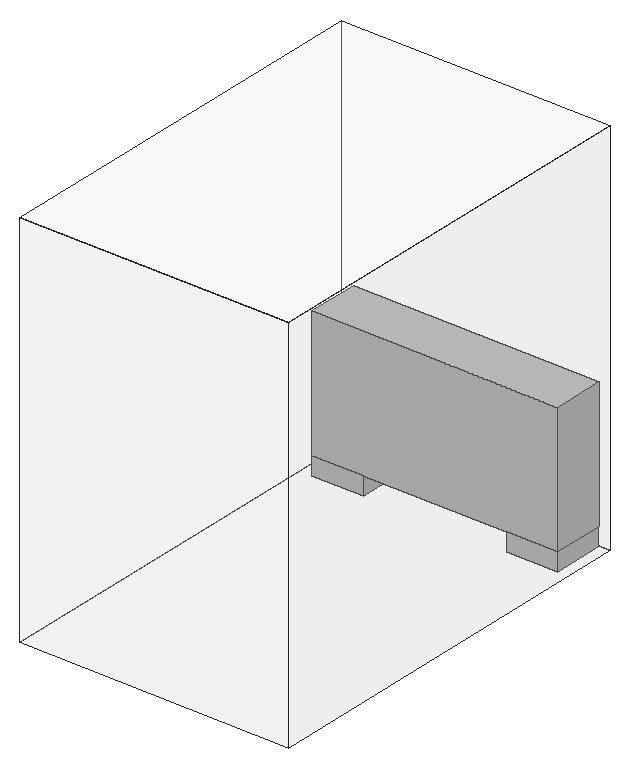
Revit family "pffy-p28_71lemg9_60Hz", category 機械設備, Revit 2019
Family settings
  丸型コネクタ寸法 = 直径を使用
  パーツ タイプ = 標準
  OmniClass 番号 = 23.75.10.24.21.27.27
  OmniClass タイトル = Split System Air Conditioning Units
  作業面ベース = いいえ
  常に垂直 = はい
  ロード時にボイドで切り取り = いいえ
  共有 = いいえ
  部屋計算ポイント = はい
Parameters (values of type "PFFY-P28LEMG9")
  風量（弱）（m3／min） = 5.5
  風量（m3／min） = 6.5
  風量 = MAX風量  # 390.0 m³/h
  音響パワーレベル（弱）(dB) = 49
  音響パワーレベル(dB) = 54
  電源種別 = ""
  電圧_電気ヒーター = 0 V
  電圧 = 200 V
  電動機出力_送風機 = 0.02 kW
  運転質量 = 0.00 kg
  連動 = ""
  質量 = if(製品質量 > 運転質量, 製品質量, 運転質量) * 1.2  # 34.80 kg
  負荷分類 = 3_ファン類
  説明 = "ビル用マルチエアコン 床置形　室内機"
  設計暖房能力 [instance] = 0 kW
  設計冷房能力_顕熱 [instance] = 0 kW
  設計冷房能力 [instance] = 0 kW
  設置方法 = "床置形"
  記号 [instance] = ""
  製造元 = "三菱電機株式会社"
  製品質量 = 29.00 kg
  製品出荷対象 = "国内"
  製品リリース年月 = "2022年9月15日"
  製品グループ = ""
  系統 [instance] = ""
  符号 = "ACP-FRV(D)"
  積算_科目 = "1 空気調和設備"
  積算_拾い区分 [instance] = ""
  相_電気ヒーター = 1
  相 = 1
  盤記号 [instance] = ""
  発停方法 = ""
  特殊仕様 [instance] = ""
  火災停止 = ""
  消費電力_電気ヒーター = 0 kW
  消費電力_暖房 = 0.05 kW
  消費電力_加湿器 = 0 kW
  消費電力_冷房 = 0.05 kW
  消費電力 = if(消費電力_冷房 > 消費電力_暖房, 消費電力_冷房, 消費電力_暖房) + 消費電力_加湿器 + 消費電力_電気ヒーター  # 0.05 kW
  法定耐用年数 = "15"
  機械基礎質量 [instance] = 0.00 kg
  機械基礎_W = 0 mm
  機械基礎_H = 0 mm
  機械基礎_D = 0 mm
  機械基礎 [instance] = no
  機外静圧 = 0.0 Pa
  極数 = 1
  材質 [instance] = ""
  本体マテリアル = none
  有効加湿量 = 0
  暖房能力 = 3.2 kW
  形式_加湿器 = ""
  形式 = "床置（露出）立形"
  形名 = PFFY-P_LEMG9 : PFFY-P28LEMG9
  幹線記号 [instance] = ""
  始動方式 = "直入"
  呼称 = "室内機_床置(露出)形(直吹)"
  周波数 = 60 Hz
  台数_手元リモコン [instance] = ""
  台数_冷媒分岐ユニット [instance] = ""
  参照している仕様書等のバージョン = "公共建築工事標準仕様書（機械設備工事編）平成31年度版"
  加湿給水管径 = 0.00 mm
  分類コード = "50053003221090"
  分類グループ = ""
  冷房能力 = 2.8 kW
  冷媒高低圧ガス管径 = 0.00 mm
  冷媒管径符号 = "Ac"
  冷媒管径 = 100.00 mm
  冷媒液管径 = 6.35 mm
  冷媒ガス管径 = 12.70 mm
  価格 = 0
  企業コード = "108420"
  付属品_フィルター = ""
  付属品 [instance] = ""
  仕様書バージョン = "Version1.0"
  モデル = "PFFY-P28LEMG9"
  ドレン管径 = 20.00 mm
  ダクト高 = 0 mm
  ダクト幅 = 0 mm
  コメント [instance] = ""
  Keynote = ""
  Width = 1050 mm
  Version = ""
  Uniclass2015Version = "Systems v1.9"
  Uniclass2015Title = "Split coil remote air cooled condensing units"
  Uniclass2015Code = "Pr_70_65_03_84"
  URL = "https://www.mitsubishielectric.co.jp/ldg/wink/ssl/displayProduct.do?pid=317061"
  S寸法 = 0 mm
  SpecificationReference = ""
  SpecificationDescription = ""
  Revision = ""
  ProductInformation = ""
  OmniClassCode = "23-33 17 13 11"
  MIN風量 = 風量（弱）（m3／min） * 60.0 m³/h  # 330.0 m³/h
  MAX風量 = 風量（m3／min） * 60.0 m³/h  # 390.0 m³/h
  IfcTypeProduct = ""
  IfcProduct = ""
  IfcExportType = "AIRCONDITIONINGUNIT"
  IfcExportAs = "IfcUnitaryEquipmentType"
  Height = 630 mm
  Depth = 220 mm
  Clearance Top = 1000 mm
  Clearance Right = 50 mm
  Clearance Left = 50 mm
  Clearance Front = 1000 mm
  Clearance Back = 0 mm
  Author = "三菱電機株式会社"
Types (5, lengths in mm): name | 風量（弱）（m3／min） | 風量（m3／min） | 風量 | 音響パワーレベル（弱）(dB) | 音響パワーレベル(dB) | 電動機出力_送風機 | 質量 | 製品質量 | 消費電力_暖房 | 消費電力_冷房 | 消費電力 | 暖房能力 | 形名 | 冷房能力 | 冷媒管径符号 | 冷媒液管径 | 冷媒ガス管径 | モデル | Width | URL | MIN風量 | MAX風量
  PFFY-P28LEMG9 | 5.5 | 6.5 | 390.0 m³/h | 49 | 54 | 0.02 kW | 34.80 kg | 29.00 kg | 0.05 kW | 0.05 kW | 0.05 kW | 3.2 kW | PFFY-P_LEMG9 : PFFY-P28LEMG9 | 2.8 kW | "Ac" | 6.35 | 12.70 | "PFFY-P28LEMG9" | 1050 | "https://www.mitsubishielectric.co.jp/ldg/wink/ssl/displayProduct.do?pid=317061" | 330.0 m³/h | 390.0 m³/h
  PFFY-P36LEMG9 | 7 | 9 | 540.0 m³/h | 50 | 55 | 0.03 kW | 37.20 kg | 31.00 kg | 0.06 kW | 0.06 kW | 0.06 kW | 4 kW | PFFY-P_LEMG9 : PFFY-P36_45LEMG9 | 3.6 kW | "Ac" | 6.35 | 12.70 | "PFFY-P36LEMG9" | 1170 | "https://www.mitsubishielectric.co.jp/ldg/wink/ssl/displayProduct.do?pid=317062" | 420.0 m³/h | 540.0 m³/h
  PFFY-P45LEMG9 | 9 | 11 | 660.0 m³/h | 52 | 58 | 0.035 kW | 38.40 kg | 32.00 kg | 0.07 kW | 0.07 kW | 0.07 kW | 5 kW | PFFY-P_LEMG9 : PFFY-P36_45LEMG9 | 4.5 kW | "Ac" | 6.35 | 12.70 | "PFFY-P45LEMG9" | 1170 | "https://www.mitsubishielectric.co.jp/ldg/wink/ssl/displayProduct.do?pid=317063" | 540.0 m³/h | 660.0 m³/h
  PFFY-P56LEMG9 | 12 | 14 | 840.0 m³/h | 55 | 59 | 0.04 kW | 43.20 kg | 36.00 kg | 0.1 kW | 0.1 kW | 0.1 kW | 6.3 kW | PFFY-P_LEMG9 : PFFY-P56LEMG9 | 5.6 kW | "Ac" | 6.35 | 12.70 | "PFFY-P56LEMG9" | 1410 | "https://www.mitsubishielectric.co.jp/ldg/wink/ssl/displayProduct.do?pid=317064" | 720.0 m³/h | 840.0 m³/h
  PFFY-P71LEMG9 | 12 | 15.5 | 930.0 m³/h | 57 | 62 | 0.045 kW | 44.40 kg | 37.00 kg | 0.12 kW | 0.12 kW | 0.12 kW | 8 kW | PFFY-P_LEMG9 : PFFY-P71LEMG9 | 7.1 kW | "Bd" | 9.52 | 15.88 | "PFFY-P71LEMG9" | 1410 | "https://www.mitsubishielectric.co.jp/ldg/wink/ssl/displayProduct.do?pid=317076" | 720.0 m³/h | 930.0 m³/h
Reference planes
  plane 1: z = -150
  plane 2: z = 480
  plane 3: z = -150
  plane 4: z = 1480
  plane 5 "中心(正面/背面)": y = -110
  plane 6 "左": x = -525
  plane 7 "右": x = 525
  plane 8 "正面": y = -220
  plane 9 "背面": y = 0
  plane 10: x = 0
  plane 11: x = -875
  plane 12: y = 0
  plane 13: y = -220
  plane 14: x = 525
  plane 15: y = 0
  plane 16: x = 575
  plane 17: x = -575
  plane 18: y = -1220
  plane 19 "配管位置": x = -305
  plane 20: y = -100
  plane 21: y = -135
  plane 22: z = 280
  plane 23: z = 330
  plane 24 "ドレン配管": x = -350
  plane 25: y = -130
  plane 26 "ドレン配管先端": z = -140
Forms (mm)
  Extrusion 1, solid
    sketch origin (-305, 0, 0) x (0, 1, 0) y (0, 0, 1)
      loop
        circle (-100, 330) r 6.35
      loop
        circle (-135, 280) r 3.175
    from 0 to -105
  Extrusion 2, solid
    sketch origin (-305, 0, 0) x (0, 1, 0) y (0, 0, 1)
      loop
        circle (-117.5, 305) r 50
    from 0 to -105
  Extrusion 3, solid
    sketch origin (0, 0, -140) x (0, -1, 0) y (1, 0, 0)
      loop
        circle (130, -350) r 10
    from 0 to 200
Dimensions and locks
  "Height": plane 1 to plane 2
  "Clearance Top": plane 4 to plane 2
  "Width": plane 6 "左" to plane 7 "右"
  equal spacing: plane 8 "正面", plane 5 "中心(正面/背面)", plane 9 "背面"
  "Depth": plane 8 "正面" to plane 9 "背面"
  "S寸法": plane 9 "背面" to plane 12
  "S寸法": plane 13 to plane 8 "正面"
  "S寸法": plane 7 "右" to plane 14
  "Clearance Back": plane 9 "背面" to plane 15
  "Clearance Right": plane 7 "右" to plane 16
  "Clearance Left": plane 17 to plane 6 "左"
  "Clearance Front": plane 18 to plane 8 "正面"
  equal spacing: plane 6 "左", plane 10, plane 7 "右"
  locked: plane 6 "左" to plane 19 "配管位置" at 220
  locked: plane 24 "ドレン配管" to plane 19 "配管位置" at 45
  aligned and locked: nested 1 to plane 17
  aligned and locked: nested 1 to plane 16
  aligned and locked: plane 15 to nested 1
  aligned and locked: plane 1 to plane 3
  aligned and locked: plane 4 to nested 1
Automatic sketch dimensions
  Extrusion 1 sketch curve to plane 21 = 0 mm
  Extrusion 1 sketch curve to plane 20 = 0 mm
  Extrusion 1 sketch curve to plane 22 = 0 mm
  Extrusion 1 sketch curve to plane 23 = 0 mm
  plane 5 "中心(正面/背面)" to Extrusion 2 sketch curve = 7.5 mm
  plane 22 to Extrusion 2 sketch curve = 25 mm
  Extrusion 3 sketch curve to plane 24 "ドレン配管" = 0 mm
  plane 25 to Extrusion 3 sketch curve = 0 mm
  radius of Extrusion 1 sketch curve = 6.35 mm
  radius of Extrusion 1 sketch curve = 3.175 mm
  radius of Extrusion 2 sketch curve = 50 mm
  radius of Extrusion 3 sketch curve = 10 mm
Nested families
  nested 1: "サービススペース(PFFY-P-LEMG)" at (0, -860, 665), type "サービススペース(PFFY-P-LEMG)"
    with Width 1150 mm, Height 1630 mm, Depth 1720 mm
  nested 2: "PFFY-P_LEMG9" at (0, -110, -150), type <- "形名", type "PFFY-P28LEMG9", detail levels fine
    with 表示 yes, マテリアル2 none, マテリアル1 none, 幅 1050 mm, 吹出部分 5
Connectors
  piping at (-410, -117.5, 305), diameter 100, driven by "冷媒管径"
    settings: on Extrusion 2, index 1, connector inside diameter 609.60 mm, connector length 0 mm, flow factor 0, pipe flow 0.0 L/s, pressure drop 0.0 Pa, fitting loss kfactor 0, connector angle 0.00°, fixture units 0, engagement length 0 mm, angle of deflection 0.00°, flow configuration 0, flow direction 0, fitting loss method 0, system type 7, joint type 0, gender type 0, connector reference index -1, connector utility 0, adjustable connector no, is connector primary yes, connector description ""
  piping at (-350, -130, -140), diameter 20, driven by "ドレン管径"
    settings: on Extrusion 3, index 2, connector inside diameter 609.60 mm, connector length 0 mm, flow factor 0, pipe flow 0.0 L/s, pressure drop 0.0 Pa, fitting loss kfactor 0, connector angle 0.00°, fixture units 0, engagement length 0 mm, angle of deflection 0.00°, flow configuration 0, flow direction 0, fitting loss method 0, system type 7, joint type 0, gender type 0, connector reference index -1, connector utility 0, adjustable connector no, is connector primary no, connector description ""
  electrical at (525, -110, 202.5), driven by "極数", driven by "電圧", driven by "消費電力"
    settings: on nested 2, index 3, voltage 200 V, apparent load 50 VA, apparent load phase1 0 VA, apparent load phase2 0 VA, apparent load phase3 0 VA, power factor 1, load classification "3_ファン類", number of poles 1, system type 30, power factor state 1, is connector primary yes, connector utility no, sub classification motor no, connector description ""
Definition of nested family "サービススペース(PFFY-P-LEMG)"
  Parameters (values of type "サービススペース")
    Width [instance] = 500 mm
    Height [instance] = 500 mm
    Depth [instance] = 500 mm
  Reference planes
    plane 1 "中心(正面/背面)": y = 0
    plane 2: z = 0
    plane 3 "中心(左/右)": x = 0
    plane 4: y = -250
    plane 5: x = 250
    plane 6: y = 250
    plane 7: x = -250
    plane 8: z = 250
    plane 9: z = -250
  Forms (mm)
    Extrusion 1, solid
      sketch origin (-638.939, 0, 72.39) x (1, 0, 0) y (0, 1, 0)
        loop
          line (388.939, 250) -> (388.939, -250) -> (888.939, -250) -> (888.939, 250) -> (388.939, 250)
      from -322.39 to 177.61
  Lines and regions (mm)
    symbolic lines
      curve 1: line (-250, 0, 250) -> (250, 0, 250)
      curve 2: line (-250, 0, -250) -> (-250, 0, 250)
      curve 3: line (250, 0, -250) -> (-250, 0, -250)
      curve 4: line (250, 0, 250) -> (250, 0, -250)
      curve 5: line (0, -250, 250) -> (0, 250, 250)
      curve 6: line (0, -250, -250) -> (0, -250, 250)
      curve 7: line (0, 250, -250) -> (0, -250, -250)
      curve 8: line (0, 250, 250) -> (0, 250, -250)
      curve 9: line (-250, 250, 0) -> (250, 250, 0)
      curve 10: line (-250, -250, 0) -> (-250, 250, 0)
      curve 11: line (250, -250, 0) -> (-250, -250, 0)
      curve 12: line (250, 250, 0) -> (250, -250, 0)
  Dimensions and locks
    equal spacing: plane 7, plane 3 "中心(左/右)", plane 5
    equal spacing: plane 4, plane 1 "中心(正面/背面)", plane 6
    "Depth": plane 4 to plane 6
    "Width": plane 7 to plane 5
    equal spacing: plane 8, plane 2, plane 9
    "Height": plane 8 to plane 9
    aligned and locked: plane 9 to curve 3
    aligned and locked: plane 7 to curve 2
    aligned and locked: curve 4 to plane 5
    aligned and locked: plane 5 to Extrusion 1
    aligned and locked: Extrusion 1 to plane 7
    aligned and locked: Extrusion 1 to plane 9
    aligned and locked: plane 8 to Extrusion 1
    aligned and locked: plane 9 to curve 7
  Automatic sketch dimensions
    plane 4 to Extrusion 1 sketch curve = 0 mm
    Extrusion 1 sketch curve to plane 7 = 0 mm
    Extrusion 1 sketch curve to plane 5 = 0 mm
    plane 6 to Extrusion 1 sketch curve = 0 mm
    curve 2 to plane 8 = 0 mm
    plane 4 to curve 11 = 0 mm
    curve 11 to plane 7 = 0 mm
    curve 11 to plane 5 = 0 mm
    plane 6 to curve 10 = 0 mm
    curve 7 to plane 4 = 0 mm
    curve 7 to plane 6 = 0 mm
    curve 6 to plane 8 = 0 mm
Definition of nested family "PFFY-P_LEMG9"
  Parameters (values of type "PFFY-P71LEMG")
    液径 = 9.52 mm
    液-W = 0 mm
    液-H = 225 mm
    液-D = 185 mm
    高 = 630 mm
    電源径 = 43 mm
    電源-W = 0 mm
    電源-H = 90 mm
    電源-D = 385 mm
    表示 [instance] = yes
    幅 = 1410 mm
    奥行 = 220 mm
    吹出部分 = 8
    吊りボルト径 = 12 mm
    吊りボルト-W = 1014 mm
    吊りボルト-D = 300 mm
    吊りボルト-H = 0 mm
    冷媒径 = 100 mm
    ガス径 = 19.05 mm
    ガス-W = 0 mm
    ガス-H = 215 mm
    ガス-D = 105 mm
    マテリアル2 [instance] = none
    マテリアル1 [instance] = none
    ドレン径 = 34 mm  # constant formula
    ドレン-W = 0 mm
    ドレン-H = 130 mm
    ドレン-D = 92 mm
    w = 675 mm
    h = 98 mm
    d = 296 mm
    b = 100 mm
    a = 19 mm
  Types (4, lengths in mm): name | 幅 | 吹出部分
    PFFY-P28LEMG | 1050 | 5
    PFFY-P36_45LEMG | 1170 | 6
    PFFY-P56LEMG | 1410 | 8
    PFFY-P71LEMG | 1410 | 8
  Reference planes
    plane 1 "中心(正面/背面)": y = 0
    plane 2: z = 0
    plane 3 "中心(左/右)": x = 0
    plane 4: x = 705
    plane 5: x = -705
    plane 6: y = 110
    plane 7: y = -110
    plane 8: z = 5
    plane 9: z = 75
    plane 10: y = 104
    plane 11: x = -485
    plane 12: x = 485
    plane 13: x = -500
    plane 14: x = 500
    plane 15 "高さ": z = 630
    plane 16: x = -485
    plane 17: x = 485
    plane 18: x = -680
    plane 19: x = 680
  Forms (mm)
    Extrusion 1, solid, material <- "マテリアル2", not visible, detail levels fine
      sketch origin (-137, 154, 0) x (1, 0, 0) y (0, 1, 0)
        loop
          circle (637, -150) r 6
        loop
          circle (-363, -150) r 6
      from 0 to 5
    Extrusion 2, solid, material <- "マテリアル1", detail levels fine
      sketch origin (-1437.329, -1524, 1748) x (-1, 0, 0) y (0, -1, 0)
        loop
          line (-2142.329, -1634) -> (-732.329, -1634) -> (-732.329, -1414) -> (-2142.329, -1414) -> (-2142.329, -1634)
      from -1673 to -1118
    Extrusion 3, solid, material <- "マテリアル2", detail levels fine
      sketch origin (-1437.329, -1524, 1748) x (-1, 0, 0) y (0, -1, 0)
        loop
          line (-732.329, -1628) -> (-732.329, -1414) -> (-952.329, -1414) -> (-952.329, -1628) -> (-732.329, -1628)
        loop
          line (-2142.329, -1414) -> (-2142.329, -1628) -> (-1922.329, -1628) -> (-1922.329, -1414) -> (-2142.329, -1414)
      from -1748 to -1673
  Lines and regions (mm)
    Masking region 1, visible <- "表示", built-in parameter 1006206 <- "表示", detail levels fine
      outline origin (0, 0, 0) x (1, 0, 0) y (0, 1, 0)
        loop
          line (-705, 110) -> (-705, -110) -> (705, -110) -> (705, 110) -> (-705, 110)
    model lines, detail levels fine
      curve 1: line (680, 50, 630) -> (-680, 50, 630)
      curve 2: line (680, -70, 630) -> (-680, -70, 630)
      curve 3: line (-480, 50, 630) -> (-480, -70, 630)
      curve 4: line (485, 50, 630) -> (485, -70, 630)
      curve 5: line (-360, 50, 630) -> (-360, -70, 630)
      curve 6: line (-240, 50, 630) -> (-240, -70, 630)
      curve 7: line (-120, 50, 630) -> (-120, -70, 630)
      curve 8: line (0, 50, 630) -> (0, -70, 630)
      curve 9: line (480, 40, 630) -> (-480, 40, 630)
      curve 10: line (480, 30, 630) -> (-480, 30, 630)
      curve 11: line (480, 20, 630) -> (-480, 20, 630)
      curve 12: line (480, 10, 630) -> (-480, 10, 630)
      curve 13: line (480, 0, 630) -> (-480, 0, 630)
      curve 14: line (480, -10, 630) -> (-480, -10, 630)
      curve 15: line (480, -20, 630) -> (-480, -20, 630)
      curve 16: line (480, -30, 630) -> (-480, -30, 630)
      curve 17: line (480, -40, 630) -> (-480, -40, 630)
      curve 18: line (480, -50, 630) -> (-480, -50, 630)
      curve 19: line (480, -60, 630) -> (-480, -60, 630)
      curve 20: line (-680, 110, 630) -> (-680, -110, 630)
      curve 21: line (680, -110, 630) -> (680, 110, 630)
      curve 23: line (120, 50, 630) -> (120, -70, 630)
      curve 24: line (240, 50, 630) -> (240, -70, 630)
      curve 25: line (360, 50, 630) -> (360, -70, 630)
      curve 26: line (-485, 50, 630) -> (-485, -70, 630)
    model lines, visible <- "表示", detail levels fine
      curve 22: line (480, -70, 630) -> (480, 50, 630)
  Dimensions and locks
    equal spacing: plane 7, plane 1 "中心(正面/背面)", plane 6
    "奥行": plane 7 to plane 6
    equal spacing: plane 5, plane 3 "中心(左/右)", plane 4
    "幅": plane 5 to plane 4
    locked: plane 8 to level at 5
    equal spacing: plane 11, plane 3 "中心(左/右)", plane 12
    equal spacing: plane 13, plane 3 "中心(左/右)", plane 14
    locked: plane 5 to plane 11 at 220
    locked: plane 5 to plane 13 at 205
    "高": Extrusion 2 to level
    equal spacing: group 1, group 2, group 3, group 4, group 5, group 6, group 7, group 8  (x3)
    curve 22 to plane 17 = 5 mm
    locked: plane 16 to curve 3 at 5
    locked: curve 3 to curve 5 at 120
    locked: plane 5 to plane 18 at 25
    locked: plane 19 to plane 4 at 25
    "吊りボルト径": diameter of Extrusion 1 sketch curve  (x2)
    aligned and locked: level to plane 2
    aligned and locked: Extrusion 2 sketch curve to plane 6
    aligned and locked: Extrusion 3 to level
    aligned and locked: Masking region 1 sketch curve to plane 7
    aligned and locked: Masking region 1 sketch curve to plane 4
    aligned and locked: Extrusion 3 sketch curve to Extrusion 2
    aligned and locked: plane 7 to Extrusion 2
    aligned and locked: plane 9 to Extrusion 3
    aligned and locked: Extrusion 2 to plane 9
    aligned and locked: Extrusion 3 to plane 10  (x2)
    aligned and locked: Extrusion 2 to plane 5
    aligned and locked: plane 4 to Extrusion 2
    aligned and locked: Extrusion 3 to plane 5
    aligned and locked: plane 11 to Extrusion 3
    aligned and locked: Extrusion 3 to plane 12
    aligned and locked: plane 13 to nested 1
    aligned and locked: plane 14 to nested 1
    aligned and locked: plane 16 to plane 11
    aligned and locked: plane 17 to plane 12
    aligned and locked: plane 19 to curve 21
    aligned and locked: curve 26 to plane 11
  Automatic sketch dimensions
    Extrusion 2 sketch curve to plane 4 = 0 mm
    plane 5 to Extrusion 2 sketch curve = 0 mm
    Extrusion 2 sketch curve to plane 7 = 0 mm
    Masking region 1 sketch curve to plane 5 = 0 mm
    plane 6 to Masking region 1 sketch curve = 0 mm
    plane 7 to Extrusion 3 sketch curve = 0 mm  (x2)
    plane 6 to Extrusion 3 sketch curve = 6 mm  (x2)
    Extrusion 3 sketch curve to plane 11 = 0 mm
    Extrusion 3 sketch curve to plane 5 = 0 mm
    Extrusion 3 sketch curve to plane 12 = 0 mm
    curve 4 to plane 12 = 0 mm
    plane 1 "中心(正面/背面)" to curve 13 = 0 mm
    curve 1 to plane 18 = 0 mm
    plane 6 to curve 21 = 0 mm
    plane 6 to curve 20 = 0 mm
    plane 7 to curve 20 = 0 mm
    plane 7 to curve 21 = 0 mm
    plane 11 to curve 15 = 5 mm
    plane 11 to curve 14 = 5 mm
    plane 11 to curve 16 = 5 mm
    plane 11 to curve 13 = 5 mm
    plane 11 to curve 17 = 5 mm
    plane 11 to curve 12 = 5 mm
    plane 11 to curve 18 = 5 mm
    plane 11 to curve 11 = 5 mm
    plane 11 to curve 19 = 5 mm
    plane 11 to curve 9 = 5 mm
    plane 11 to curve 10 = 5 mm
    curve 26 to plane 1 "中心(正面/背面)" = 50 mm
    curve 22 to curve 9 = 10 mm
    curve 9 to curve 10 = 10 mm
    curve 10 to curve 11 = 10 mm
    curve 12 to plane 1 "中心(正面/背面)" = 10 mm
    curve 13 to curve 14 = 10 mm
    curve 14 to curve 15 = 10 mm
    curve 15 to curve 16 = 10 mm
    curve 16 to curve 17 = 10 mm
    curve 17 to curve 18 = 10 mm
    curve 18 to curve 19 = 10 mm
    curve 19 to curve 26 = 10 mm
    Extrusion 1 sketch curve to plane 13 = 0 mm
    Extrusion 1 sketch curve to plane 14 = 0 mm
    Extrusion 1 sketch curve to plane 1 "中心(正面/背面)" = 4 mm  (x2)
  Nested families
    nested 1: "固定点" at (-500, 4, 0), visible <- "表示", type "固定点", detail levels fine
      with W 1000 mm, D 100 mm
  Definition of nested family "固定点"
    Parameters (values of type "固定点")
      中心円 = 12 mm
      W [instance] = 1000 mm
      D [instance] = 1000 mm
    Reference planes
      plane 1 "中心(正面/背面)": y = 0
      plane 2: z = 0
      plane 3 "中心(左/右)": x = 0
      plane 4: x = 1000
    Lines and regions (mm)
      symbolic lines, detail levels fine
        curve 1: circle (0, 0, 0) r 6 normal (0, 0, 1)
        curve 2: circle (1000, 0, 0) r 6 normal (0, 0, 1)
        curve 3: line (-200, 0, 0) -> (1200, 0, 0)
        curve 4: line (0, 200, 0) -> (0, -200, 0)
        curve 5: line (1000, 200, 0) -> (1000, -200, 0)
    Dimensions and locks
      "W": plane 3 "中心(左/右)" to plane 4
      "中心円": diameter of curve 1
      "中心円": diameter of curve 2
      aligned and locked: level to plane 2
      aligned and locked: plane 3 "中心(左/右)" to curve 1
      aligned and locked: plane 1 "中心(正面/背面)" to curve 1
      aligned and locked: plane 1 "中心(正面/背面)" to curve 2
      aligned and locked: plane 4 to curve 2
      aligned and locked: plane 1 "中心(正面/背面)" to curve 3
      aligned and locked: curve 4 to plane 3 "中心(左/右)"
      aligned and locked: curve 5 to plane 4
    Automatic sketch dimensions
      curve 3 to plane 3 "中心(左/右)" = 200 mm
      curve 2 to curve 3 = 200 mm
      plane 1 "中心(正面/背面)" to curve 4 = 200 mm
      plane 1 "中心(正面/背面)" to curve 5 = 200 mm
      curve 5 to plane 1 "中心(正面/背面)" = 200 mm
      curve 4 to plane 1 "中心(正面/背面)" = 200 mm
